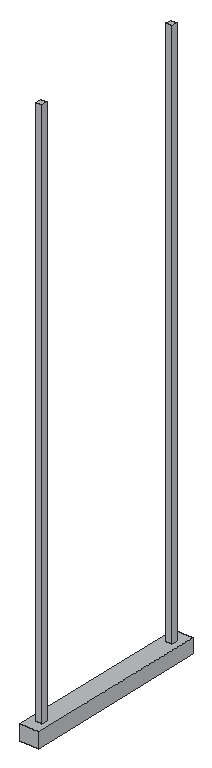
Revit family "BUS_Hanger Support", category Electrical Equipment, Revit 2025
Family settings
  Panel Configuration = Two Columns, Circuits Across
  Round Connector Dimension = Use Diameter
  Part Type = Panelboard
  OmniClass Number = 23.80.30.11.17
  OmniClass Title = Distribution Boards and Control Panels
  Work Plane-Based = No
  Always vertical = Yes
  Cut with Voids When Loaded = No
  Maintain Annotation Orientation = No
  Shared = No
  Room Calculation Point = No
Parameters (values of type "M12 Rod + Unistrut 41x41")
  built-in parameter 1140142 [instance] = -1
  Rod Length [instance] = 1500 mm
  built-in parameter 1140140 [instance] = 1 (stored number, unit not read)
  built-in parameter 1155100 [instance] = -1
  Default Elevation = 0 mm
Reference planes
  plane 1 "Center (Front/Back)": y = 0
  plane 2: z = 0
  plane 3 "Center (Left/Right)": x = 0
Forms (mm)
  Extrusion 1, solid, material "Galvanized Steel"
    sketch origin (0, 0, -41) x (1, 0, 0) y (0, 1, 0)
      loop
        line (-25, -260) -> (25, -260) -> (25, 260) -> (-25, 260) -> (-25, -260)
    from 0 to 41
  Extrusion 2, solid, material "Galvanized Steel"
    sketch origin (0, 0, 0) x (1, 0, 0) y (0, 1, 0)
      loop
        line (-8, -228) -> (8, -228) -> (8, -212) -> (-8, -212) -> (-8, -228)
    from -41 to 1500 <- "Rod Length"
  Extrusion 3, solid, material "Galvanized Steel"
    sketch origin (0, 0, 0) x (1, 0, 0) y (0, 1, 0)
      loop
        line (-8, 212) -> (8, 212) -> (8, 228) -> (-8, 228) -> (-8, 212)
    from -41 to 1500 <- "Rod Length"
Dimensions and locks
  aligned and locked: level to plane 2
